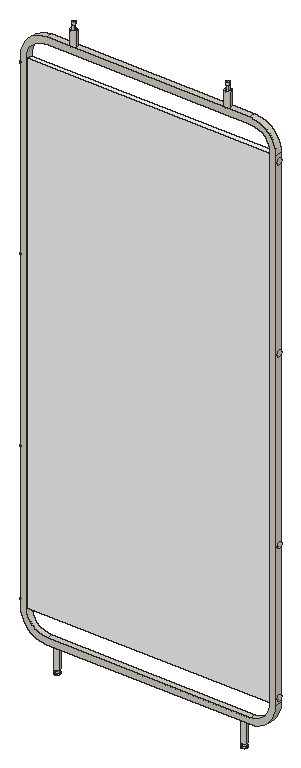
Revit family "Lives-Post+Beam_Fixed Panel_Whiteboard_BLS5B2", category Furniture, Revit 2021
Family settings
  OmniClass Number = 23.40.20.00
  OmniClass Title = General Furniture and Specialties
  Work Plane-Based = No
  Always vertical = Yes
  Cut with Voids When Loaded = No
  Shared = No
  Room Calculation Point = No
Parameters (values of type "（ライトグレージュ）")
  Manufacturer = "株式会社オカムラ"
  製品名称 [instance] = "ライブス ポストビーム"  # constant formula
  製品コード/色仕様 = "BLS5B2"  # constant formula
  製品コード [instance] = "BLS5B2"  # constant formula
  色仕様名称 [instance] = "ライトグレージュ"
  色仕様コード [instance] = ""
  本体 = okm_ZH17
  導入日 [instance] = ""
  共通仕様 = ""
  備考 = ""
  シリアルNo [instance] = ""
  Keynote = "12490"
  Default Elevation = 0.0"
  Assembly Code = "E2020200"
  W = 35.43307"  # constant formula
  URL = "http://www.okamura.co.jp/"
  Product_URL = ""
  ID [instance] = ""
  H = 80.31496"  # constant formula
  D = 0.82677"  # constant formula
  Copyright [instance] = "©2022.10 okamura Corp."  # constant formula
Types (5): name | 色仕様名称 | 本体
  (no name) | "ライトグレージュ" | okm_ZH17
  （ライトグレージュ） | "ライトグレージュ" | okm_ZH17
  （ブラック） | "ブラック" | okm_ZK25
  （ネオホワイト） | "ネオホワイト" | okm_ZA75
  （ダークグレー） | "ダークグレー" | okm_ZH15
Reference planes (in)
  plane 1 "中心(正面/背面)": y = 0
  plane 2: z = 0
  plane 3 "中心(左/右)": x = 0
  plane 4 "左": x = -17.71654
  plane 5 "右": x = 17.71654
  plane 6 "背面": y = 0.41339
  plane 7 "正面": y = -0.41339
  plane 8 "上": z = 80.31496
  plane 9: z = 78.34646
Forms (in)
  Extrusion 1, solid, material "okm_ZH17" <- "本体"
    sketch origin (0, 0, 0) x (1, 0, 0) y (0, 0, 1)
      loop
        line (-17.61811, 74.76378) -> (-17.61811, 6.92913)
        arc (-17.61811, 6.92913) -> (-16.56877, 4.3958) -> (-14.03543, 3.34646) r 3.58268
        line (-14.03543, 3.34646) -> (14.03543, 3.34646)
        arc (14.03543, 3.34646) -> (16.56877, 4.3958) -> (17.61811, 6.92913) r 3.58268
        line (17.61811, 6.92913) -> (17.61811, 74.76378)
        arc (17.61811, 74.76378) -> (16.56877, 77.29711) -> (14.03543, 78.34646) r 3.58268
        line (14.03543, 78.34646) -> (-14.03543, 78.34646)
        arc (-14.03543, 78.34646) -> (-16.56877, 77.29711) -> (-17.61811, 74.76378) r 3.58268
      loop
        arc (-16.79134, 6.92913) -> (-15.98415, 4.98041) -> (-14.03543, 4.17323) r 2.75591
        line (-14.03543, 4.17323) -> (14.03543, 4.17323)
        arc (14.03543, 4.17323) -> (15.98415, 4.98041) -> (16.79134, 6.92913) r 2.75591
        line (16.79134, 6.92913) -> (16.79134, 74.76378)
        arc (16.79134, 74.76378) -> (15.98415, 76.7125) -> (14.03543, 77.51969) r 2.75591
        line (14.03543, 77.51969) -> (-14.03543, 77.51969)
        arc (-14.03543, 77.51969) -> (-15.98415, 76.7125) -> (-16.79134, 74.76378) r 2.75591
        line (-16.79134, 74.76378) -> (-16.79134, 6.92913)
    from -0.41339 to 0.41339
  Extrusion 2, solid, material "okm_H343"
    sketch origin (0, 0, 0) x (1, 0, 0) y (0, 0, 1)
      loop
        line (-16.79134, 6.92913) -> (16.79134, 6.92913) -> (16.79134, 74.76378) -> (-16.79134, 74.76378) -> (-16.79134, 6.92913)
    from -0.37402 to 0.37402
  Extrusion 3, solid, material "okm_ZH17" <- "本体"
    sketch origin (0, 0, 0.00787) x (0, 1, 0) y (0, 0, 1)
      loop
        circle (0, 7.71654) r 0.35433
      loop
        circle (0, 26.57432) r 0.35433
      loop
        circle (0, 73.96063) r 0.35433
      loop
        circle (0, 50.26801) r 0.35433
    from 17.5748 to 17.71654
  Revolve 4, solid, material "okm_ZH17" <- "本体"
    sketch origin (0, 0, 0) x (1, 0, 0) y (0, 0, 1)
      loop
        line (-10.62992, 81.29921) -> (-10.86614, 81.29921) -> (-10.86614, 81.06299) -> (-10.7874, 81.06299) -> (-10.7874, 80.31496) -> (-11.02362, 80.31496) -> (-11.02362, 78.34646) -> (-10.62992, 78.34646) -> (-10.62992, 81.29921)
      axis (-10.62992, 81.29921) -> (-10.62992, 78.34646)
    angle from 0 to 360
  Revolve 5, solid, material "okm_ZH17" <- "本体"
    sketch origin (0, 0, 0) x (-1, 0, 0) y (0, 0, 1)
      loop
        line (-10.62992, 81.29921) -> (-10.86614, 81.29921) -> (-10.86614, 81.06299) -> (-10.7874, 81.06299) -> (-10.7874, 80.31496) -> (-11.02362, 80.31496) -> (-11.02362, 78.34646) -> (-10.62992, 78.34646) -> (-10.62992, 81.29921)
      axis (-10.62992, 81.29921) -> (-10.62992, 78.34646)
    angle from 0 to 360
  Revolve 6, solid, material "okm_ZH17" <- "本体"
    sketch origin (0, 0, 81.69291) x (1, 0, 0) y (0, 0, -1)
      loop
        line (-13.26969, 81.10236) -> (-13.26969, 78.34646) -> (-12.8937, 78.34646) -> (-12.8937, 81.69291) -> (-13.24729, 81.69291)
        arc (-13.24729, 81.69291) -> (-13.27513, 81.68138) -> (-13.28666, 81.65354) r 0.03937
        line (-13.28666, 81.65354) -> (-13.28666, 81.5748)
        arc (-13.28666, 81.5748) -> (-13.27513, 81.54696) -> (-13.24729, 81.53543) r 0.03937
        line (-13.24729, 81.53543) -> (-13.1892, 81.53543) -> (-13.1892, 81.29921) -> (-13.09055, 81.29921)
        arc (-13.09055, 81.29921) -> (-13.06271, 81.28768) -> (-13.05118, 81.25984) r 0.03937
        line (-13.05118, 81.25984) -> (-13.05118, 81.10236) -> (-13.26969, 81.10236)
      axis (-12.8937, 78.34646) -> (-12.8937, 81.69291)
    angle from 0 to 360
  Revolve 7, solid, material "okm_ZH17" <- "本体"
    sketch origin (0, 0, 81.69291) x (-1, 0, 0) y (0, 0, -1)
      loop
        line (-13.26969, 81.10236) -> (-13.26969, 78.34646) -> (-12.8937, 78.34646) -> (-12.8937, 81.69291) -> (-13.24729, 81.69291)
        arc (-13.24729, 81.69291) -> (-13.27513, 81.68138) -> (-13.28666, 81.65354) r 0.03937
        line (-13.28666, 81.65354) -> (-13.28666, 81.5748)
        arc (-13.28666, 81.5748) -> (-13.27513, 81.54696) -> (-13.24729, 81.53543) r 0.03937
        line (-13.24729, 81.53543) -> (-13.1892, 81.53543) -> (-13.1892, 81.29921) -> (-13.09055, 81.29921)
        arc (-13.09055, 81.29921) -> (-13.06271, 81.28768) -> (-13.05118, 81.25984) r 0.03937
        line (-13.05118, 81.25984) -> (-13.05118, 81.10236) -> (-13.26969, 81.10236)
      axis (-12.8937, 78.34646) -> (-12.8937, 81.69291)
    angle from 0 to 360
  Extrusion 8, solid, material "okm_ZH17" <- "本体"
    sketch origin (0, 0, 0.00787) x (0, 1, 0) y (0, 0, -1)
      loop
        circle (0, -7.71654) r 0.35433
      loop
        circle (0, -26.57432) r 0.35433
      loop
        circle (0, -73.96063) r 0.35433
      loop
        circle (0, -50.26801) r 0.35433
    from 17.5748 to 17.71654
Lines and regions (in)
  Masking region 1
    outline origin (0, 0, 0) x (1, 0, 0) y (0, 1, 0)
      loop
        line (-17.71654, 0.41339) -> (-17.71654, -0.41339) -> (17.71654, -0.41339) -> (17.71654, 0.41339) -> (-17.71654, 0.41339)
  symbolic lines, style "okm_標準・詳細", detail levels medium+fine
    curve 1: line (-17.71654, -0.68898, 0) -> (-17.71654, 0.68898, 0)
  symbolic lines, style "okm_簡略", detail levels coarse
    curve 2: line (-17.71654, 0.68898, 0) -> (-17.71654, -0.68898, 0)
Dimensions and locks (in)
  equal spacing: plane 4 "左", plane 3 "中心(左/右)", plane 5 "右"
  "W": plane 4 "左" to plane 5 "右"
  equal spacing: plane 7 "正面", plane 1 "中心(正面/背面)", plane 6 "背面"
  "D": plane 7 "正面" to plane 6 "背面"
  "H": plane 8 "上" to level
  plane 8 "上" to plane 9 = 1.9685"
  aligned and locked: level to plane 2
Automatic sketch dimensions
  curve 1 to plane 4 "左" = 0.0"
  plane 1 "中心(正面/背面)" to curve 2 = 0.68898"
  curve 2 to plane 1 "中心(正面/背面)" = 0.68898"
  Extrusion 1 sketch curve to Extrusion 1 sketch curve = 0.0"  (x8)
  Extrusion 1 sketch curve to plane 9 = 0.0"
  plane 4 "左" to Extrusion 1 sketch curve = 0.09843"
  Extrusion 1 sketch curve to Extrusion 1 sketch curve = 0.82677"
  Extrusion 1 sketch curve to Extrusion 1 sketch curve = 2.75591"  (x2)
  Extrusion 1 sketch curve to plane 5 "右" = 3.6811"  (x2)
  Extrusion 1 sketch curve to plane 5 "右" = 0.9252"
  level to Extrusion 1 sketch curve = 6.92913"
  plane 4 "左" to Extrusion 2 sketch curve = 0.9252"
  Extrusion 2 sketch curve to plane 5 "右" = 0.9252"
  level to Extrusion 2 sketch curve = 6.92913"
  Extrusion 2 sketch curve to plane 9 = 3.58268"
  plane 1 "中心(正面/背面)" to Extrusion 3 sketch curve = 0.0"  (x4)
  level to Extrusion 3 sketch curve = 7.72441"
  Extrusion 3 sketch curve to Extrusion 3 sketch curve = 18.85779"
  Extrusion 3 sketch curve to Extrusion 3 sketch curve = 23.69369"
  Extrusion 3 sketch curve to plane 9 = 4.37795"
  Masking region 1 sketch curve to plane 4 "左" = 0.0"
  Masking region 1 sketch curve to plane 5 "右" = 0.0"
  plane 1 "中心(正面/背面)" to Masking region 1 sketch curve = 0.41339"
  Masking region 1 sketch curve to plane 1 "中心(正面/背面)" = 0.41339"
  Revolve 4 sketch curve to plane 9 = 0.0"
  Revolve 4 sketch curve to plane 8 "上" = 0.0"
  plane 4 "左" to Revolve 4 sketch curve = 6.69291"
  Revolve 4 sketch curve to Revolve 4 sketch curve = 0.15748"
  Revolve 4 sketch curve to Revolve 4 sketch curve = 0.23622"  (x2)
  Revolve 4 sketch curve to Revolve 4 sketch curve = 0.3937"
  plane 8 "上" to Revolve 4 sketch curve = 0.74803"
  Revolve 4 sketch curve to Revolve 4 sketch curve = 0.0"
  Revolve 4 sketch curve to Revolve 4 sketch curve = 0.03937"
  Revolve 4 sketch curve to Revolve 4 sketch curve = 0.59055"
  Revolve 5 sketch curve to plane 9 = 0.0"
  Revolve 5 sketch curve to plane 8 "上" = 0.0"
  plane 5 "右" to Revolve 5 sketch curve = 6.69291"
  Revolve 5 sketch curve to Revolve 5 sketch curve = 0.15748"
  Revolve 5 sketch curve to Revolve 5 sketch curve = 0.23622"  (x2)
  Revolve 5 sketch curve to Revolve 5 sketch curve = 0.3937"
  Revolve 5 sketch curve to plane 8 "上" = 0.74803"
  Revolve 5 sketch curve to Revolve 5 sketch curve = 0.0"
  Revolve 5 sketch curve to Revolve 5 sketch curve = 0.03937"
  Revolve 5 sketch curve to Revolve 5 sketch curve = 0.59055"
  Revolve 6 sketch curve to level = 0.0"  (x2)
  Revolve 6 sketch curve to level = 0.11811"
  Revolve 6 sketch curve to plane 4 "左" = 4.42987"
  Revolve 6 sketch curve to Revolve 6 sketch curve = 0.01698"
  Revolve 6 sketch curve to Revolve 6 sketch curve = 0.03937"  (x3)
  Revolve 6 sketch curve to Revolve 6 sketch curve = 0.0581"
  Revolve 6 sketch curve to Revolve 6 sketch curve = 0.09864"
  Revolve 6 sketch curve to Revolve 6 sketch curve = 0.37598"
  Revolve 6 sketch curve to Revolve 6 sketch curve = 0.23622"
  Revolve 6 sketch curve to Revolve 6 sketch curve = 0.15748"
  Revolve 6 sketch curve to Revolve 6 sketch curve = 2.75591"
  Revolve 6 sketch curve to Revolve 6 sketch curve = 0.0"
  Revolve 6 sketch curve to Revolve 6 sketch curve = 0.98425"
  Revolve 7 sketch curve to level = 0.0"  (x2)
  level to Revolve 7 sketch curve = 0.11811"
  Revolve 7 sketch curve to plane 5 "右" = 4.42987"
  Revolve 7 sketch curve to Revolve 7 sketch curve = 0.01698"
  Revolve 7 sketch curve to Revolve 7 sketch curve = 0.03937"  (x3)
  Revolve 7 sketch curve to Revolve 7 sketch curve = 0.0581"
  Revolve 7 sketch curve to Revolve 7 sketch curve = 0.09864"
  Revolve 7 sketch curve to Revolve 7 sketch curve = 0.37598"
  Revolve 7 sketch curve to Revolve 7 sketch curve = 0.23622"
  Revolve 7 sketch curve to Revolve 7 sketch curve = 0.15748"
  Revolve 7 sketch curve to Revolve 7 sketch curve = 2.75591"
  Revolve 7 sketch curve to Revolve 7 sketch curve = 0.0"
  Revolve 7 sketch curve to level = 0.98425"
  plane 1 "中心(正面/背面)" to Extrusion 8 sketch curve = 0.0"  (x4)
  Extrusion 8 sketch curve to plane 9 = 4.37795"
  Extrusion 8 sketch curve to Extrusion 8 sketch curve = 23.69262"
  Extrusion 8 sketch curve to Extrusion 8 sketch curve = 23.69369"
  level to Extrusion 8 sketch curve = 7.72441"
  radius of Extrusion 3 sketch curve = 0.35433"  (x4)
  radius of Extrusion 8 sketch curve = 0.35433"  (x4)
